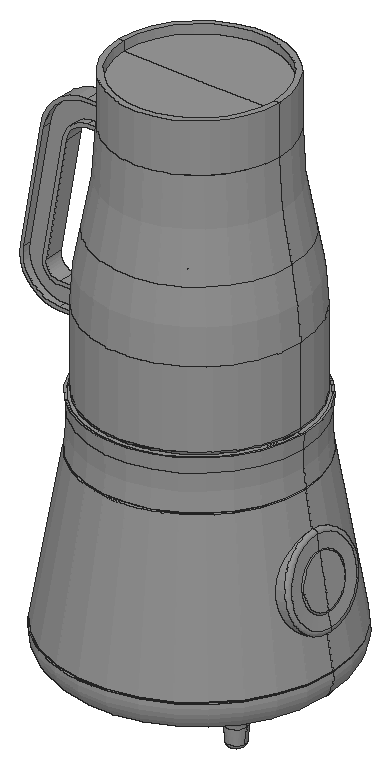
Revit family "Smoothie Maker", category Generic Models, Revit 2014
Parameters
  Smoothie Maker - Silver Plastic = Smoothie Maker - Silver Plastic
  Smoothie Maker - Drink Container = Smoothie Maker - Drink Container
  Smoothie Maker - Dials = Smoothie Maker - Dials
  Smoothie Maker - Blades = Smoothie Maker - Blades
  Smoothie Maker - Black Plastic = Smoothie Maker - Black Plastic
Reference planes
  plane 1 "Center (Front/Back)": y = 0
  plane 2: z = 0
  plane 3 "Center (Left/Right)": x = 0
Forms (mm)
  Revolve 1, solid, material "Smoothie Maker - Silver Plastic" <- "Smoothie Maker - Silver Plastic"
    sketch origin (0, 0, 0) x (1, 0, 0) y (0, 0, 1)
      loop
        line (-59, 150) -> (-60, 150) -> (-59.3, 142.004)
        arc (-59.3, 142.004) -> (-59.086, 132.196) -> (-60.154, 122.444) r 75
        line (-60.154, 122.444) -> (-59.154, 122.444) -> (-59.154, 121.444) -> (-60.331, 121.444) -> (-75.598, 34.857) -> (-74.583, 34.857) -> (-74.757, 33.872) -> (-75.772, 33.872)
        arc (-75.772, 33.872) -> (-73.448, 22.898) -> (-64.163, 16.604) r 15
        arc (-64.163, 16.604) -> (-32.263, 11.479) -> (0, 9.764) r 304.32
        line (0, 9.764) -> (0, 14.764)
        arc (0, 14.764) -> (-31.733, 16.45) -> (-63.108, 21.492) r 299.32
        arc (-63.108, 21.492) -> (-69.299, 25.688) -> (-70.848, 33.004) r 10
        line (-70.848, 33.004) -> (-55.23, 121.576)
        arc (-55.23, 121.576) -> (-54.091, 131.978) -> (-54.319, 142.44) r 80
        line (-54.319, 142.44) -> (-54.893, 149) -> (-59, 149) -> (-59, 150)
      axis (0, 9.764) -> (0, 150)
    angle from 0 to 360
  Revolve 2, solid, material "Smoothie Maker - Silver Plastic" <- "Smoothie Maker - Silver Plastic"
    sketch origin (0.625, -30, 0) x (1, 0, 0) y (0, 0, 1)
      loop
        line (-51.365, 10.742) -> (-50.596, 1.959)
        arc (-50.596, 1.959) -> (-50.022, 0.574) -> (-48.637, 0) r 1.959
        line (-48.637, 0) -> (-45.615, 0) -> (-45.615, 14.456)
        arc (-45.615, 14.456) -> (-50.124, 15.151) -> (-54.549, 16.258) r 49.359
        arc (-54.549, 16.258) -> (-52.346, 13.853) -> (-51.365, 10.742) r 7.535
      axis (-45.615, 16.258) -> (-45.615, 0)
    angle from 0 to 360
  Revolve 3, solid, material "Smoothie Maker - Silver Plastic" <- "Smoothie Maker - Silver Plastic"
    sketch origin (-0.625, -30, 0) x (-1, 0, 0) y (0, 0, -1)
      loop
        arc (-51.365, -10.742) -> (-52.346, -13.853) -> (-54.549, -16.258) r 7.535
        arc (-54.549, -16.258) -> (-50.124, -15.151) -> (-45.615, -14.456) r 49.359
        line (-45.615, -14.456) -> (-45.615, 0) -> (-48.637, 0)
        arc (-48.637, 0) -> (-50.022, -0.574) -> (-50.596, -1.959) r 1.959
        line (-50.596, -1.959) -> (-51.365, -10.742)
      axis (-45.615, -16.258) -> (-45.615, 0)
    angle from 0 to 360
  Revolve 4, solid, material "Smoothie Maker - Silver Plastic" <- "Smoothie Maker - Silver Plastic"
    sketch origin (0.625, 30, 0) x (1, 0, 0) y (0, 0, -1)
      loop
        arc (-51.365, -10.742) -> (-52.346, -13.853) -> (-54.549, -16.258) r 7.535
        arc (-54.549, -16.258) -> (-50.124, -15.151) -> (-45.615, -14.456) r 49.359
        line (-45.615, -14.456) -> (-45.615, 0) -> (-48.637, 0)
        arc (-48.637, 0) -> (-50.022, -0.574) -> (-50.596, -1.959) r 1.959
        line (-50.596, -1.959) -> (-51.365, -10.742)
      axis (-45.615, -16.258) -> (-45.615, 0)
    angle from 0 to 360
  Revolve 5, solid, material "Smoothie Maker - Silver Plastic" <- "Smoothie Maker - Silver Plastic"
    sketch origin (-0.625, 30, 0) x (-1, 0, 0) y (0, 0, 1)
      loop
        line (-51.365, 10.742) -> (-50.596, 1.959)
        arc (-50.596, 1.959) -> (-50.022, 0.574) -> (-48.637, 0) r 1.959
        line (-48.637, 0) -> (-45.615, 0) -> (-45.615, 14.456)
        arc (-45.615, 14.456) -> (-50.124, 15.151) -> (-54.549, 16.258) r 49.359
        arc (-54.549, 16.258) -> (-52.346, 13.853) -> (-51.365, 10.742) r 7.535
      axis (-45.615, 16.258) -> (-45.615, 0)
    angle from 0 to 360
  Revolve 6, solid, material "Smoothie Maker - Drink Container" <- "Smoothie Maker - Drink Container"
    sketch origin (0, 0, 0) x (1, 0, 0) y (0, 0, 1)
      loop
        line (-53.578, 148.152) -> (-54.231, 147.499) -> (-53.578, 146.845) -> (-53.578, 145.152) -> (-54.231, 144.499) -> (-53.578, 143.845) -> (-53.578, 142.152) -> (-54.231, 141.499) -> (-53.578, 140.845) -> (-53.578, 140) -> (-51.289, 140) -> (-51.289, 195)
        arc (-51.289, 195) -> (-50.127, 213.253) -> (-46.662, 231.211) r 144
        arc (-46.662, 231.211) -> (-41.459, 258.172) -> (-39.715, 285.575) r 216.192
        line (-39.715, 285.575) -> (-39.715, 302) -> (0, 302) -> (0, 308) -> (-42.715, 308) -> (-42.715, 313) -> (-45.715, 313) -> (-45.715, 285.575)
        arc (-45.715, 285.575) -> (-47.41, 258.932) -> (-52.469, 232.72) r 210.192
        arc (-52.469, 232.72) -> (-56.079, 214.013) -> (-57.289, 195) r 150
        line (-57.289, 195) -> (-57.289, 151.489)
        arc (-57.289, 151.489) -> (-56.853, 150.436) -> (-55.8, 150) r 1.489
        line (-55.8, 150) -> (-53.578, 150) -> (-53.578, 148.152)
      axis (0, 313) -> (0, 140)
    angle from 0 to 360
  Sweep 7, solid, material "Smoothie Maker - Drink Container" <- "Smoothie Maker - Drink Container"
    path origin (0, 0, 0) x (1, 0, 0) y (0, 0, 1)
      loop
        line (-43.933, 273) -> (-58.933, 273)
        arc (-58.933, 273) -> (-71.789, 268.321) -> (-78.629, 256.473) r 20
        line (-78.629, 256.473) -> (-89.975, 192.124)
        arc (-89.975, 192.124) -> (-86.694, 179.877) -> (-75.203, 174.519) r 15
        line (-75.203, 174.519) -> (-55.203, 174.519)
    profile origin (-51.433, 0, 273) x (0, 0, -1) y (0, -1, 0)
      loop
        line (-7.5, 5) -> (-7.5, -5) -> (-5.5, -5) -> (-5.5, -1) -> (5.5, -1) -> (5.5, -5) -> (7.5, -5) -> (7.5, 5) -> (5.5, 5) -> (5.5, 1) -> (-5.5, 1) -> (-5.5, 5) -> (-7.5, 5)
  Revolve 8, solid, material "Smoothie Maker - Silver Plastic" <- "Smoothie Maker - Silver Plastic"
    sketch origin (0, 0, 0) x (0, 1, 0) y (0, 0, 1)
      loop
        line (53.834, 140) -> (7.5, 140) -> (7.5, 135) -> (53.834, 135) -> (53.834, 140)
      axis (0, 140) -> (0, 135)
    angle from 0 to 360
  Revolve 9, solid
    sketch origin (0, 0, 0) x (0, 1, 0) y (0, 0, 1)
      loop
        line (6.5, 130.904) -> (6.5, 141) -> (12.5, 141) -> (12.5, 147.5) -> (0, 147.5) -> (0, 130.904) -> (6.5, 130.904)
      axis (0, 147.5) -> (0, 130.904)
    angle from 0 to 360
  Revolve 10, solid
    sketch origin (0, 0, 0) x (0, 1, 0) y (0, 0, 1)
      loop
        line (7.5, 147.499) -> (7.5, 150) -> (12.5, 150) -> (12.5, 151.5) -> (0, 151.5) -> (0, 147.499) -> (7.5, 147.499)
      axis (0, 151.5) -> (0, 147.499)
    angle from 0 to 360
  Extrusion 11, solid, material "Smoothie Maker - Blades" <- "Smoothie Maker - Blades"
    sketch origin (0, 0, 0) x (0, 1, 0) y (0, 0, 1)
      loop
        line (-7.5, 150) -> (-15, 150) -> (-32.678, 167.678) -> (-33.385, 166.971) -> (-15.414, 149) -> (-7.5, 149) -> (-7.5, 150)
    from -20 to 20
  Extrusion 12, void
    sketch origin (0, 0, 0) x (1, 0, 0) y (0, 0, 1)
      loop
        line (-12.5, 150) -> (-13.546, 150)
        arc (-13.546, 150) -> (-14.948, 150.902) -> (-14.708, 152.552) r 1.541
        line (-14.708, 152.552) -> (-1.844, 166.115)
        arc (-1.844, 166.115) -> (0, 166.907) -> (1.844, 166.115) r 2.541
        line (1.844, 166.115) -> (14.708, 152.552)
        arc (14.708, 152.552) -> (14.948, 150.902) -> (13.546, 150) r 1.541
        line (13.546, 150) -> (12.5, 150) -> (12.5, 149) -> (20, 149) -> (20, 169) -> (-20, 169) -> (-20, 149) -> (-12.5, 149) -> (-12.5, 150)
    from 7.5 to 35.898
  Extrusion 13, solid, material "Smoothie Maker - Blades" <- "Smoothie Maker - Blades"
    sketch origin (0, 0, 0) x (0.866025, -0.5, 0) y (0, 0, 1)
      loop
        line (-7.5, 150) -> (-15, 150) -> (-32.678, 167.678) -> (-33.385, 166.971) -> (-15.414, 149) -> (-7.5, 149) -> (-7.5, 150)
    from -20 to 20
  Extrusion 14, void
    sketch origin (0, 0, 0) x (-0.5, -0.866025, 0) y (0, 0, 1)
      loop
        line (-12.5, 150) -> (-13.546, 150)
        arc (-13.546, 150) -> (-14.948, 150.902) -> (-14.708, 152.552) r 1.541
        line (-14.708, 152.552) -> (-1.844, 166.115)
        arc (-1.844, 166.115) -> (0, 166.907) -> (1.844, 166.115) r 2.541
        line (1.844, 166.115) -> (14.708, 152.552)
        arc (14.708, 152.552) -> (14.948, 150.902) -> (13.546, 150) r 1.541
        line (13.546, 150) -> (12.5, 150) -> (12.5, 149) -> (20, 149) -> (20, 169) -> (-20, 169) -> (-20, 149) -> (-12.5, 149) -> (-12.5, 150)
    from 7.5 to 35.898
  Extrusion 15, solid, material "Smoothie Maker - Blades" <- "Smoothie Maker - Blades"
    sketch origin (0, 0, 0) x (-0.866025, -0.5, 0) y (0, 0, 1)
      loop
        line (-7.5, 150) -> (-15, 150) -> (-32.678, 167.678) -> (-33.385, 166.971) -> (-15.414, 149) -> (-7.5, 149) -> (-7.5, 150)
    from -20 to 20
  Extrusion 16, void
    sketch origin (0, 0, 0) x (-0.5, 0.866025, 0) y (0, 0, 1)
      loop
        line (-12.5, 150) -> (-13.546, 150)
        arc (-13.546, 150) -> (-14.948, 150.902) -> (-14.708, 152.552) r 1.541
        line (-14.708, 152.552) -> (-1.844, 166.115)
        arc (-1.844, 166.115) -> (0, 166.907) -> (1.844, 166.115) r 2.541
        line (1.844, 166.115) -> (14.708, 152.552)
        arc (14.708, 152.552) -> (14.948, 150.902) -> (13.546, 150) r 1.541
        line (13.546, 150) -> (12.5, 150) -> (12.5, 149) -> (20, 149) -> (20, 169) -> (-20, 169) -> (-20, 149) -> (-12.5, 149) -> (-12.5, 150)
    from 7.5 to 35.898
  Revolve 17, solid, material "Smoothie Maker - Dials" <- "Smoothie Maker - Dials"
    sketch origin (0, 0, 0) x (1, 0, 0) y (0, 0, 1)
      loop
        line (63.041, 77.282) -> (68.949, 78.324)
        arc (68.949, 78.324) -> (67.417, 89.607) -> (66.781, 100.976) r 143.969
        arc (66.781, 100.976) -> (66.055, 102.486) -> (64.434, 102.913) r 2
        line (64.434, 102.913) -> (58.699, 101.902) -> (63.041, 77.282)
      axis (70.721, 78.636) -> (63.041, 77.282)
    angle from 0 to 360
  Revolve 18, solid, material "Smoothie Maker - Dials" <- "Smoothie Maker - Dials"
    sketch origin (1.477, 0, 0.26) x (1, 0, 0) y (0, 0, 1)
      loop
        line (67.965, 78.15) -> (69.404, 78.404) -> (66.926, 92.457)
        arc (66.926, 92.457) -> (66.08, 93.049) -> (65.487, 92.203) r 0.731
        line (65.487, 92.203) -> (67.965, 78.15)
      axis (67.965, 78.15) -> (69.404, 78.404)
    angle from 0 to 360
  Sweep 19, solid, material "Smoothie Maker - Drink Container" <- "Smoothie Maker - Drink Container"
    path origin (0, 0, 0) x (1, 0, 0) y (0, 0, 1)
      loop
        line (-39.715, 302) -> (-39.715, 285.575)
        arc (-39.715, 285.575) -> (-41.459, 258.172) -> (-46.662, 231.211) r 216.192
        arc (-46.662, 231.211) -> (-50.127, 213.253) -> (-51.289, 195) r 144
        line (-51.289, 195) -> (-51.289, 150)
    profile origin (-51.289, 0, 172.5) x (0, -1, 0) y (1, 0, 0)
      loop
        line (-1.985, 0) -> (1.985, 0)
        spline (1.985, 0) -> (1.918, 0.772) -> (1.719, 1.492) -> (1.404, 2.11) -> (0.993, 2.584) -> (0.514, 2.882) -> (0, 2.984) -> (-0.514, 2.882) -> (-0.993, 2.584) -> (-1.404, 2.11) -> (-1.719, 1.492) -> (-1.918, 0.772) -> (-1.985, 0)
  Sweep 20, solid, material "Smoothie Maker - Drink Container" <- "Smoothie Maker - Drink Container"
    path origin (0, 0, 0) x (-0.5, -0.866025, 0) y (0, 0, 1)
      loop
        line (-39.715, 302) -> (-39.715, 285.575)
        arc (-39.715, 285.575) -> (-41.459, 258.172) -> (-46.662, 231.211) r 216.192
        arc (-46.662, 231.211) -> (-50.127, 213.253) -> (-51.289, 195) r 144
        line (-51.289, 195) -> (-51.289, 150)
    profile origin (25.644, 44.417, 172.5) x (-0.866025, 0.5, 0) y (-0.5, -0.866025, 0)
      loop
        line (-1.985, 0) -> (1.985, 0)
        spline (1.985, 0) -> (1.918, 0.772) -> (1.719, 1.492) -> (1.404, 2.11) -> (0.993, 2.584) -> (0.514, 2.882) -> (0, 2.984) -> (-0.514, 2.882) -> (-0.993, 2.584) -> (-1.404, 2.11) -> (-1.719, 1.492) -> (-1.918, 0.772) -> (-1.985, 0)
  Sweep 21, solid, material "Smoothie Maker - Drink Container" <- "Smoothie Maker - Drink Container"
    path origin (0, 0, 0) x (-0.5, 0.866025, 0) y (0, 0, 1)
      loop
        line (-39.715, 302) -> (-39.715, 285.575)
        arc (-39.715, 285.575) -> (-41.459, 258.172) -> (-46.662, 231.211) r 216.192
        arc (-46.662, 231.211) -> (-50.127, 213.253) -> (-51.289, 195) r 144
        line (-51.289, 195) -> (-51.289, 150)
    profile origin (25.644, -44.417, 172.5) x (0.866025, 0.5, 0) y (-0.5, 0.866025, 0)
      loop
        line (-1.985, 0) -> (1.985, 0)
        spline (1.985, 0) -> (1.918, 0.772) -> (1.719, 1.492) -> (1.404, 2.11) -> (0.993, 2.584) -> (0.514, 2.882) -> (0, 2.984) -> (-0.514, 2.882) -> (-0.993, 2.584) -> (-1.404, 2.11) -> (-1.719, 1.492) -> (-1.918, 0.772) -> (-1.985, 0)
Cuts and joins
  Extrusion 12 cuts Extrusion 11
  Extrusion 14 cuts Extrusion 13
  Extrusion 16 cuts Extrusion 15
Dimensions and locks
  aligned and locked: level to plane 2
